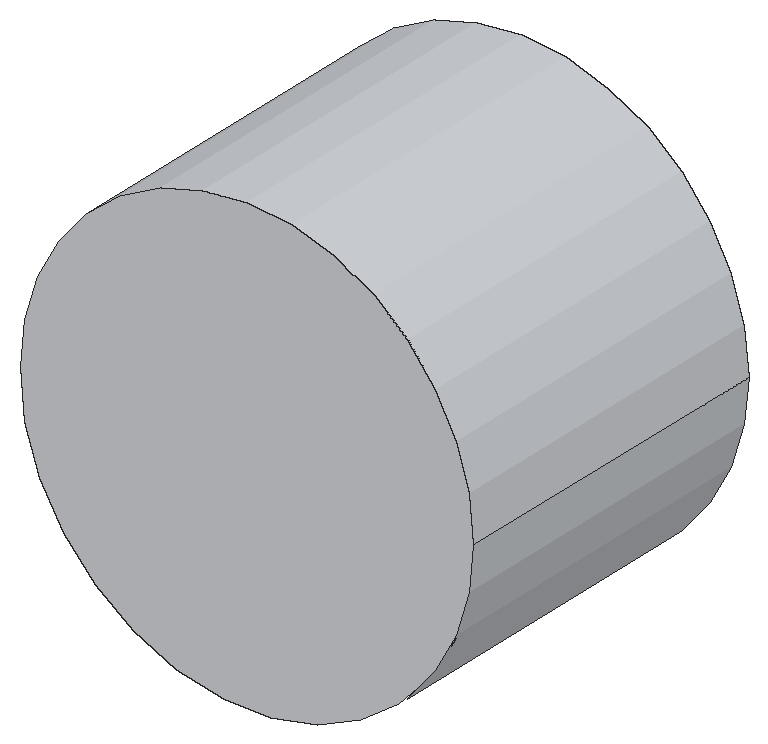
Revit family "IDP_Electrical Fixtures_OUT931-CONNECTION BOX 32AMP", category Electrical Fixtures, Revit 2026
Family settings
  Round Connector Dimension = Use Diameter
  Part Type = Normal
  Work Plane-Based = No
  Always vertical = Yes
  Cut with Voids When Loaded = No
  Maintain Annotation Orientation = No
  Shared = Yes
  Room Calculation Point = Yes
Parameters (values of type "OUT931")
  Uniclass2015_Pr = "Pr_65_72_97_27 : Electrical connection boxes"
  SFG20 = ""
  NRM3 = ""
  NRM1 = ""
  Keynote = ""
  Description = "CONNECTION BOX 32AMP"
  Default Elevation = 0 mm
  ADBUserData1 = "R1"
  ADBGroup = "1"
  ADBDescription = "CONNECTION BOX, 32amp, single phase, power supply"
  ADBCode = "OUT931"
Reference planes
  plane 1 "Center (Front/Back)": y = 0
  plane 2: z = 0
  plane 3 "Center (Left/Right)": x = 0
Forms (mm)
  Extrusion 1, solid
    sketch origin (0, 0, 0) x (1, 0, 0) y (0, 0, 1)
      loop
        circle (0, 0) r 20
    from -30.19 to 0
Lines and regions (mm)
  symbolic lines
    curve 1: line (0, 0, 0) -> (0, -55, 0)
    curve 2: arc (-20, -35, 0) -> (0, -55, 0) -> (20, -35, 0) r 20
  model lines, style "ElectricalFixtures"
    curve 3: arc (20, 0, 0) -> (0, 0, 20) -> (-20, 0, 0) r 20
    curve 4: arc (-20, 0, 0) -> (0, 0, -20) -> (20, 0, 0) r 20
